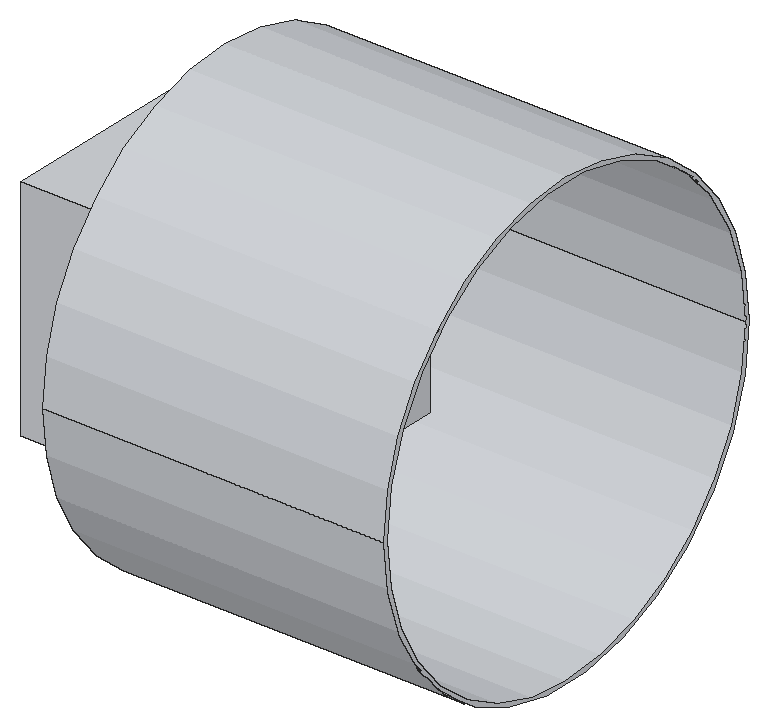
Revit family "WS", category Pipe Accessories, Revit 2021
Family settings
  Round Connector Dimension = Use Diameter
  Part Type = Normal
  Work Plane-Based = Yes
  Always vertical = Yes
  Cut with Voids When Loaded = No
  Shared = No
Parameters
  TS_Point_Number [instance] = ""
  TS_Point_Description [instance] = "WS"
  Length [instance] = 0' - 1 1/2"
  Inner Diameter [instance] = Diameter - 0' 0 1/32"  # 0' - 1 31/32"
  GTP_PointRole_0 [instance] = ""
  GTP_PointNumber_0 [instance] = ""
  GTP_PointElement_0 [instance] = ""
  GTP_LinkedParam_0 [instance] = "GTP_PointNumber_0"
  Diameter [instance] = 0' - 2"
  Default Elevation = 4' - 0"
Reference planes (in)
  plane 1 "Center (Front/Back)": y = 0
  plane 2: z = 0
  plane 3 "Center (Left/Right)": x = 0
  plane 4: x = 1.5
Forms (in)
  Extrusion 1, solid
    sketch origin (0, 0, 3) x (0, 1, 0) y (0, 0, 1)
      loop
        circle (0, -3) r 1
      loop
        circle (0, -3) r 0.98438
    from 1.5 to 0
Dimensions and locks (in)
  "Length": plane 3 "Center (Left/Right)" to plane 4
  "Diameter": diameter of Extrusion 1 sketch curve
  "Inner Diameter": diameter of Extrusion 1 sketch curve
  aligned and locked: plane 2 to level
  aligned and locked: Extrusion 1 to plane 4
  aligned and locked: plane 3 "Center (Left/Right)" to Extrusion 1
Automatic sketch dimensions
  Extrusion 1 sketch curve to Extrusion 1 sketch curve = 0' - 0"  (x2)
  Extrusion 1 sketch curve to level = 0' - 0"
  Extrusion 1 sketch curve to plane 1 "Center (Front/Back)" = 0' - 0"
Nested families (in)
  nested 1: "GTP" at (0, 0, 0), PointNumber <- "GTP_PointNumber_0", PointRole <- "GTP_PointRole_0", PointElement <- "GTP_PointElement_0", LinkedParam <- "GTP_LinkedParam_0", PointDescription <- "TS_Point_Description", type "Generic Pt"
    with PointRole "", PointNumber "", PointElement "", PointDescription "WS", LinkedParam "GTP_PointNumber_0"
Definition of nested family "GTP"
  Parameters (values of type "Generic Pt")
    URL = ""
    PointRole [instance] = "Stake Out"
    PointNumber [instance] = ""
    PointElement [instance] = ""
    PointDescription [instance] = "Generic Pt"
    Manufacturer = "Autodesk Inc."
    LinkedParam [instance] = ""
    Default Elevation = 0' - 0"
  Reference planes (in)
    plane 1 "Center (Front/Back)": y = 0
    plane 2: z = 0
    plane 3 "Center (Left/Right)": x = 0
  Forms (in)
    Extrusion 1, solid, detail levels medium+fine
      sketch origin (0, 0, 0) x (1, 0, 0) y (0, 1, 0)
        loop
          line (0.5, -0.5) -> (0.5, 0.5) -> (-0.5, 0.5) -> (-0.5, -0.5) -> (0.5, -0.5)
      from -0.5 to 0.5
  Lines and regions (in)
    model lines, detail levels coarse+medium
      curve 1: line (0, 0.5, 0) -> (0, 0, 0)
      curve 2: line (-0.5, 0, 0) -> (0, 0, 0)
      curve 3: line (0, 0, -0.5) -> (0, 0, 0)
      curve 4: line (0, 0, 0) -> (0.5, 0, 0)
      curve 5: line (0, 0, 0) -> (0, -0.5, 0)
      curve 6: line (0, 0, 0) -> (0, 0, 0.5)
